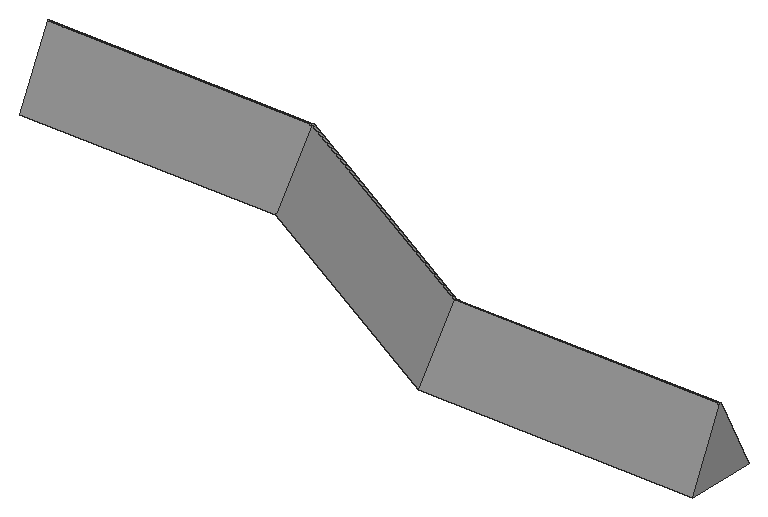
Revit family "Armeret_BetonZig-Zag_70mm_p_i_t_1131118", category Generic Models, Revit 2019
Family settings
  Can host rebar = No
  Round Connector Dimension = Use Diameter
  Part Type = Normal
  Work Plane-Based = Yes
  Always vertical = No
  Cut with Voids When Loaded = No
  Shared = No
  Room Calculation Point = No
Parameters (values of type "70 mm")
  concrete = Concrete
  Website Link = "https://haucon.dk/produkt/armeret-beton-zig-zag/#variations"
  Total Length = 800 mm
  Technical Data Sheet = "https://haucon.dk/wp-content/uploads/2016/04/1131090-Beton-zig-zag-TDS-DK.pdf"
  Default Elevation = 1219.2 mm
  Armerment width = 70 mm
  Armerment Height = Armerment width  # 70 mm
Types (13, lengths in mm): name | Armerment width | Armerment Height
  35 mm | 35 | 35
  55 mm | 55 | 55
  40 mm | 40 | 40
  45 mm | 45 | 45
  50 mm | 50 | 50
  60 mm | 60 | 60
  25 mm | 25 | 25
  30 mm | 30 | 30
  70 mm | 70 | 70
  75 mm | 75 | 75
  80 mm | 80 | 80
  90 mm | 90 | 90
  100 mm | 100 | 100
Reference planes
  plane 1 "Center (Front/Back)": y = 0
  plane 2: z = 0
  plane 3 "Center (Left/Right)": x = 0
  plane 4: y = 35
  plane 5: y = -35
  plane 6: z = 70
  plane 7: x = 266.667
  plane 8: x = 533.333
  plane 9: x = 800
Forms (mm)
  Sweep 1, solid, material "Concrete" <- "concrete"
    path origin (135, 0, 0) x (1, 0, 0) y (0, 1, 0)
      loop
        line (-135, 0) -> (132.554, 0) -> (397.446, -149.776) -> (665, -149.776)
    profile origin (133.777, 0, 0) x (0, 1, 0) y (0, 0, 1)
      loop
        line (35, 0) -> (0.856, 69.544)
        arc (0.856, 69.544) -> (0, 69.98) -> (-0.856, 69.544) r 1.059
        line (-0.856, 69.544) -> (-35, 0) -> (35, 0)
Dimensions and locks
  equal spacing: plane 4, plane 1 "Center (Front/Back)", plane 5
  "Armerment width": plane 4 to plane 5
  "Armerment Height": level to plane 6
  "Total Length": plane 3 "Center (Left/Right)" to plane 9
  equal spacing: plane 3 "Center (Left/Right)", plane 7, plane 8, plane 9
  aligned and locked: level to plane 2
  aligned and locked: level to Sweep 1 sketch curve
  aligned and locked: plane 3 "Center (Left/Right)" to Sweep 1
  aligned and locked: plane 9 to Sweep 1 sketch curve
Automatic sketch dimensions
  plane 1 "Center (Front/Back)" to Sweep 1 sketch curve = 0 mm
  Sweep 1 sketch curve to plane 3 "Center (Left/Right)" = 0 mm
  Sweep 1 sketch curve to plane 7 = 0.887 mm
  plane 8 to Sweep 1 sketch curve = 0.887 mm
  plane 1 "Center (Front/Back)" to Sweep 1 sketch curve = 149.776 mm
  Sweep 1 sketch curve to plane 5 = 0 mm
  Sweep 1 sketch curve to profile plane = 0 mm
  Sweep 1 sketch curve to plane 4 = 0 mm
  plane 6 to Sweep 1 sketch curve = 0.456 mm  (x2)
  profile plane to Sweep 1 sketch curve = 0.856 mm
  Sweep 1 sketch curve to Sweep 1 sketch curve = 0.623 mm
